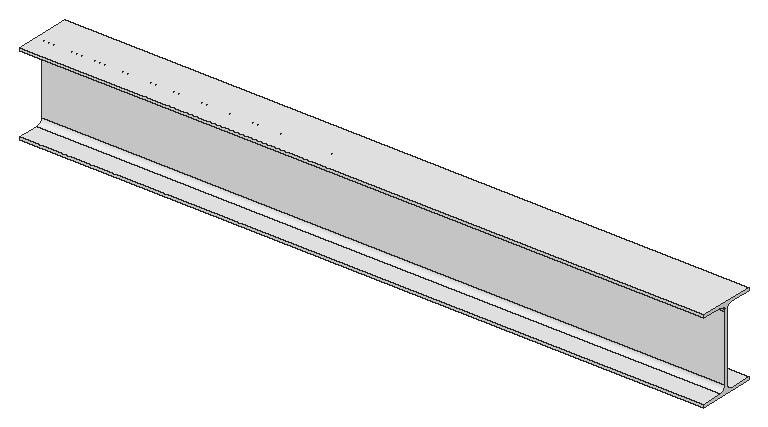
Revit family "L - Flange largo", category Quadro estrutural, Revit 2019
Family settings
  Arredondamento do comprimento do framing estrutural = 1 mm
  Forma do corte = Não definido
  Material para o comportamento do modelo = Aço
  Exportar sempre como geometria = Não
  Sempre na vertical = Sim
  Corte com vazios quando carregada = Não
  Representação simbólica = Das configurações de projeto
  Compartilhado = Não
  Exibir o pré-corte da família na vista da planta = Sim
Parameters (values of type "W 150x13.0")
  d1 = h - 2 * tf  # 138.2 mm
  W = 0.013
  Type Comments = ""
  Structural Material [instance] = Metal - Aço 345 MPa
  Cálculo da extensão inicial [instance] = 3012.7 mm + Extensão inicial  # 3000 mm
  Extensão inicial [instance] = -12.7 mm
  Cálculo da extensão da extremidade final [instance] = 3012.7 mm + Extensão final  # 3000 mm
  Extensão final [instance] = -12.7 mm
  Assembly Code = ""
  Length [instance] = 1500 mm
  b = 100 mm
  h = 148 mm
  r1 = 10 mm
  tf = 4.9 mm
  tw = 4.3 mm
  A = 0.00166 m²
Reference planes
  plane 1 "Centro (Frente/Trás)": y = 0
  plane 2: z = 0
  plane 3 "Centro (Esquerda/Direita)": x = 4.61
  plane 4 "Membro esquerdo": x = -604.99
  plane 5 "Membro direito": x = 614.21
  plane 6: y = 50
  plane 7: y = -50
  plane 8 "Superior": z = 74
  plane 9: z = -74
  plane 10 "Esquerda": x = -757.39
  plane 11 "Direita": x = 742.61
  plane 12: x = -604.99
  plane 13: x = 614.21
  plane 14: x = 2395.01
  plane 15: x = -2385.79
  plane 16: z = 69.1
  plane 17: z = -69.1
Forms (mm)
  Sweep 1, solid, material "Metal - Aço 345 MPa" <- "Structural Material", detail levels medium
    path origin (0, 0, 0) x (1, 0, 0) y (0, 1, 0)
      loop
        line (614.21, 0) -> (-604.99, 0)
    profile "W - Perfil - Médio : W - Perfil - Médio" origin (4.61, 0, 0) x (0, -1, 0) y (0, 0, 1)
      loop
        line (-50, -74) -> (50, -74) -> (50, -69.1) -> (2.15, -69.1) -> (2.15, 69.1) -> (50, 69.1) -> (50, 74) -> (-50, 74) -> (-50, 69.1) -> (-2.15, 69.1) -> (-2.15, -69.1) -> (-50, -69.1) -> (-50, -74)
  Sweep 2, solid, material "Metal - Aço 345 MPa" <- "Structural Material", detail levels fine
    path origin (0, 0, 0) x (1, 0, 0) y (0, 1, 0)
      loop
        line (614.21, 0) -> (-604.99, 0)
    profile "W - Perfil - Alto : W - Perfil - Alto" origin (4.61, 0, 0) x (0, -1, 0) y (0, 0, 1)
      loop
        line (-50, -74) -> (50, -74) -> (50, -69.1) -> (12.15, -69.1)
        arc (12.15, -69.1) -> (5.079, -66.171) -> (2.15, -59.1) r 10
        line (2.15, -59.1) -> (2.15, 59.1)
        arc (2.15, 59.1) -> (5.079, 66.171) -> (12.15, 69.1) r 10
        line (12.15, 69.1) -> (50, 69.1) -> (50, 74) -> (-50, 74) -> (-50, 69.1) -> (-12.15, 69.1)
        arc (-12.15, 69.1) -> (-5.079, 66.171) -> (-2.15, 59.1) r 10
        line (-2.15, 59.1) -> (-2.15, -59.1)
        arc (-2.15, -59.1) -> (-5.079, -66.171) -> (-12.15, -69.1) r 10
        line (-12.15, -69.1) -> (-50, -69.1) -> (-50, -74)
Lines and regions (mm)
  symbolic lines, style "Faces ocultas", detail levels medium+fine
    curve 1: line (614.21, -2.15, 0) -> (-604.99, -2.15, 0)
    curve 2: line (614.21, 2.15, 0) -> (-604.99, 2.15, 0)
  symbolic lines, style "Símbolos de vara", detail levels coarse
    curve 3: line (4.61, 50, 74) -> (4.61, -50, 74)
    curve 4: line (4.61, -50, -74) -> (4.61, 50, -74)
    curve 5: line (4.61, 0, 74) -> (4.61, 0, -74)
Dimensions and locks
  "b": plane 6 to plane 7
  "h": plane 9 to plane 8 "Superior"
  equal spacing: plane 9, plane 2, plane 8 "Superior"
  equal spacing: plane 6, plane 1 "Centro (Frente/Trás)", plane 7
  "Length": plane 10 "Esquerda" to plane 11 "Direita"
  "tw": curve 2 to curve 1
  equal spacing: curve 2, plane 1 "Centro (Frente/Trás)", curve 1
  locked: plane 4 "Membro esquerdo" to plane 14 at 3000
  locked: plane 15 to plane 5 "Membro direito" at 3000
  "Cálculo da extensão da extremidade final": plane 15 to plane 13
  "Cálculo da extensão inicial": plane 12 to plane 14
  equal spacing: plane 16, plane 2, plane 17
  "d1": plane 16 to plane 17
  aligned and locked: Sweep 1 sketch curve to plane 1 "Centro (Frente/Trás)"
  aligned and locked: Sweep 2 sketch curve to plane 1 "Centro (Frente/Trás)"
  aligned and locked: Sweep 2 to curve 3  (x2)
  aligned and locked: Sweep 2 to curve 4  (x2)
  aligned and locked: curve 3 to Sweep 2
  aligned and locked: curve 4 to Sweep 2
  aligned and locked: plane 12 to Sweep 2 sketch curve
  aligned and locked: plane 13 to Sweep 2 sketch curve
  aligned and locked: plane 12 to Sweep 1 sketch curve
  aligned and locked: plane 13 to Sweep 1 sketch curve
  aligned and locked: plane 12 to curve 2
  aligned and locked: plane 12 to curve 1
  aligned and locked: plane 13 to curve 2
  aligned and locked: plane 13 to curve 1
Automatic sketch dimensions
  curve 5 to plane 1 "Centro (Frente/Trás)" = 0 mm
Types in the file's own list only (87): name | d1 | W | b | h | r1 | tf | tw | A
  W 150x18.0 | 139 mm | 0.018 | 102 mm | 153 mm | 10 mm | 7 mm | 6 mm | 0.00 m²
  W 150x22.5 | 139 mm | 0.0225 | 152 mm | 152 mm | 10 mm | 7 mm | 6 mm | 0.00 m²
  W 150x24.0 | 139 mm | 0.024 | 102 mm | 160 mm | 12 mm | 10 mm | 7 mm | 0.00 m²
  W 150x29.8 | 138 mm | 0.0298 | 153 mm | 157 mm | 10 mm | 9 mm | 7 mm | 0.00 m²
  W 150x37.1 | 139 mm | 0.0371 | 154 mm | 162 mm | 10 mm | 12 mm | 8 mm | 0.00 m²
  W 200x15.0 | 190 mm | 0.015 | 100 mm | 200 mm | 10 mm | 5 mm | 4 mm | 0.00 m²
  W 200x19.3 | 190 mm | 0.0193 | 102 mm | 203 mm | 10 mm | 7 mm | 6 mm | 0.00 m²
  W 200x22.5 | 190 mm | 0.0225 | 102 mm | 206 mm | 10 mm | 8 mm | 6 mm | 0.00 m²
  W 200x26.6 | 190 mm | 0.0266 | 133 mm | 207 mm | 10 mm | 8 mm | 6 mm | 0.00 m²
  W 200x31.3 | 190 mm | 0.0313 | 134 mm | 210 mm | 10 mm | 10 mm | 6 mm | 0.00 m²
  W 200x35.9 | 181 mm | 0.0359 | 165 mm | 201 mm | 10 mm | 10 mm | 6 mm | 0.00 m²
  W 200x41.7 | 181 mm | 0.0417 | 166 mm | 205 mm | 12 mm | 12 mm | 7 mm | 0.01 m²
  W 200x46.1 | 181 mm | 0.0461 | 203 mm | 203 mm | 10 mm | 11 mm | 7 mm | 0.01 m²
  W 200x52.0 | 181 mm | 0.052 | 204 mm | 206 mm | 12 mm | 13 mm | 8 mm | 0.01 m²
  HP 200x53.0 | 181 mm | 0.053 | 207 mm | 204 mm | 10 mm | 11 mm | 11 mm | 0.01 m²
  W 200x59.0 | 182 mm | 0.059 | 205 mm | 210 mm | 12 mm | 14 mm | 9 mm | 0.01 m²
  W 200x71.0 | 181 mm | 0.071 | 206 mm | 216 mm | 10 mm | 17 mm | 10 mm | 0.01 m²
  W 200x86.0 | 181 mm | 0.086 | 209 mm | 222 mm | 12 mm | 21 mm | 13 mm | 0.01 m²
  W 250x17.9 | 240 mm | 0.0179 | 101 mm | 251 mm | 10 mm | 5 mm | 5 mm | 0.00 m²
  W 250x22.3 | 240 mm | 0.0223 | 102 mm | 254 mm | 10 mm | 7 mm | 6 mm | 0.00 m²
  W 250x25.3 | 240 mm | 0.0253 | 102 mm | 257 mm | 10 mm | 8 mm | 6 mm | 0.00 m²
  W 250x28.4 | 240 mm | 0.0284 | 102 mm | 260 mm | 10 mm | 10 mm | 6 mm | 0.00 m²
  W 250x32.7 | 240 mm | 0.0327 | 146 mm | 258 mm | 10 mm | 9 mm | 6 mm | 0.00 m²
  W 250x38.5 | 240 mm | 0.0385 | 147 mm | 262 mm | 10 mm | 11 mm | 7 mm | 0.00 m²
  W 250x44.8 | 240 mm | 0.0448 | 148 mm | 266 mm | 10 mm | 13 mm | 8 mm | 0.01 m²
  HP 250x62.0 | 225 mm | 0.062 | 256 mm | 246 mm | 12 mm | 11 mm | 11 mm | 0.01 m²
  W 250x73.0 | 225 mm | 0.073 | 254 mm | 253 mm | 12 mm | 14 mm | 9 mm | 0.01 m²
  W 250x80.0 | 225 mm | 0.08 | 255 mm | 256 mm | 12 mm | 16 mm | 9 mm | 0.01 m²
  HP 250x85.0 | 225 mm | 0.085 | 260 mm | 254 mm | 12 mm | 14 mm | 14 mm | 0.01 m²
  W 250x89.0 | 225 mm | 0.089 | 265 mm | 260 mm | 12 mm | 17 mm | 11 mm | 0.01 m²
  W 250x101.0 | 225 mm | 0.101 | 257 mm | 264 mm | 12 mm | 20 mm | 12 mm | 0.01 m²
  W 250x115.0 | 225 mm | 0.115 | 259 mm | 269 mm | 12 mm | 22 mm | 14 mm | 0.01 m²
  W 310x21.0 | 292 mm | 0.021 | 101 mm | 303 mm | 10 mm | 6 mm | 5 mm | 0.00 m²
  W 310x23.8 | 292 mm | 0.0238 | 101 mm | 305 mm | 10 mm | 7 mm | 6 mm | 0.00 m²
  W 310x28.3 | 291 mm | 0.0283 | 102 mm | 309 mm | 10 mm | 9 mm | 6 mm | 0.00 m²
  W 310x32.7 | 291 mm | 0.0327 | 102 mm | 313 mm | 10 mm | 11 mm | 7 mm | 0.00 m²
  W 310x38.7 | 291 mm | 0.0387 | 165 mm | 310 mm | 10 mm | 10 mm | 6 mm | 0.00 m²
  W 310x44.5 | 291 mm | 0.0445 | 166 mm | 313 mm | 10 mm | 11 mm | 7 mm | 0.01 m²
  W 310x52.0 | 291 mm | 0.052 | 167 mm | 317 mm | 10 mm | 13 mm | 8 mm | 0.01 m²
  HP 310x79.0 | 277 mm | 0.079 | 306 mm | 299 mm | 16 mm | 11 mm | 11 mm | 0.01 m²
  HP 310x93.0 | 277 mm | 0.093 | 308 mm | 303 mm | 16 mm | 13 mm | 13 mm | 0.01 m²
  W 310x97.0 | 277 mm | 0.097 | 305 mm | 308 mm | 16 mm | 15 mm | 10 mm | 0.01 m²
  W 310x107.0 | 277 mm | 0.107 | 306 mm | 311 mm | 16 mm | 17 mm | 11 mm | 0.01 m²
  HP 310x110.0 | 277 mm | 0.11 | 310 mm | 308 mm | 16 mm | 16 mm | 15 mm | 0.01 m²
  W 310x117.0 | 277 mm | 0.117 | 307 mm | 314 mm | 16 mm | 19 mm | 12 mm | 0.01 m²
  HP 310x125.0 | 277 mm | 0.125 | 312 mm | 312 mm | 16 mm | 17 mm | 17 mm | 0.02 m²
  W 360x32.9 | 332 mm | 0.0329 | 127 mm | 349 mm | 12 mm | 9 mm | 6 mm | 0.00 m²
  W 360x39.0 | 332 mm | 0.039 | 128 mm | 353 mm | 12 mm | 11 mm | 7 mm | 0.01 m²
  W 360x44.0 | 332 mm | 0.044 | 171 mm | 352 mm | 12 mm | 10 mm | 7 mm | 0.01 m²
  W 360x51.0 | 332 mm | 0.051 | 171 mm | 355 mm | 12 mm | 12 mm | 7 mm | 0.01 m²
  W 360x57.8 | 332 mm | 0.0578 | 172 mm | 358 mm | 12 mm | 13 mm | 8 mm | 0.01 m²
  W 360x64.0 | 320 mm | 0.064 | 203 mm | 347 mm | 16 mm | 14 mm | 8 mm | 0.01 m²
  W 360x72.0 | 320 mm | 0.072 | 204 mm | 350 mm | 16 mm | 15 mm | 9 mm | 0.01 m²
  W 360x79.0 | 320 mm | 0.079 | 205 mm | 354 mm | 16 mm | 17 mm | 9 mm | 0.01 m²
  W 360x91.0 | 320 mm | 0.091 | 254 mm | 353 mm | 16 mm | 16 mm | 10 mm | 0.01 m²
  W 360x101.0 | 320 mm | 0.101 | 255 mm | 357 mm | 17 mm | 18 mm | 11 mm | 0.01 m²
  W 360x110.0 | 320 mm | 0.11 | 256 mm | 360 mm | 16 mm | 20 mm | 11 mm | 0.01 m²
  W 360x122.0 | 320 mm | 0.122 | 257 mm | 363 mm | 16 mm | 22 mm | 13 mm | 0.02 m²
  W 410x38.8 | 381 mm | 0.0388 | 140 mm | 399 mm | 12 mm | 9 mm | 6 mm | 0.01 m²
  W 410x46.1 | 381 mm | 0.0461 | 140 mm | 403 mm | 12 mm | 11 mm | 7 mm | 0.01 m²
  W 410x53.0 | 381 mm | 0.053 | 177 mm | 403 mm | 12 mm | 11 mm | 8 mm | 0.01 m²
  W 410x60.0 | 381 mm | 0.06 | 178 mm | 407 mm | 12 mm | 13 mm | 8 mm | 0.01 m²
  W 410x67.0 | 381 mm | 0.067 | 179 mm | 410 mm | 12 mm | 14 mm | 9 mm | 0.01 m²
  W 410x75.0 | 381 mm | 0.075 | 180 mm | 413 mm | 12 mm | 16 mm | 10 mm | 0.01 m²
  W 410x85.0 | 381 mm | 0.085 | 181 mm | 417 mm | 12 mm | 18 mm | 11 mm | 0.01 m²
  W 460x52.0 | 428 mm | 0.052 | 152 mm | 450 mm | 12 mm | 11 mm | 8 mm | 0.01 m²
  W 460x60.0 | 428 mm | 0.06 | 153 mm | 455 mm | 12 mm | 13 mm | 8 mm | 0.01 m²
  W 460x68.0 | 428 mm | 0.068 | 154 mm | 459 mm | 12 mm | 15 mm | 9 mm | 0.01 m²
  W 460x74.0 | 428 mm | 0.074 | 190 mm | 457 mm | 12 mm | 15 mm | 9 mm | 0.01 m²
  W 460x82.0 | 428 mm | 0.082 | 191 mm | 460 mm | 12 mm | 16 mm | 10 mm | 0.01 m²
  W 460x89.0 | 428 mm | 0.089 | 192 mm | 463 mm | 12 mm | 18 mm | 11 mm | 0.01 m²
  W 460x97.0 | 428 mm | 0.097 | 193 mm | 466 mm | 12 mm | 19 mm | 11 mm | 0.01 m²
  W 460x106.0 | 428 mm | 0.106 | 194 mm | 469 mm | 12 mm | 21 mm | 13 mm | 0.01 m²
  W 530x66.0 | 502 mm | 0.066 | 165 mm | 525 mm | 12 mm | 11 mm | 9 mm | 0.01 m²
  W 530x72.0 | 502 mm | 0.072 | 207 mm | 524 mm | 12 mm | 11 mm | 9 mm | 0.01 m²
  W 530x74.0 | 502 mm | 0.074 | 166 mm | 529 mm | 12 mm | 14 mm | 10 mm | 0.01 m²
  W 530x82.0 | 501 mm | 0.082 | 209 mm | 528 mm | 12 mm | 13 mm | 10 mm | 0.01 m²
  W 530x85.0 | 502 mm | 0.085 | 166 mm | 535 mm | 12 mm | 17 mm | 10 mm | 0.01 m²
  W 530x92.0 | 502 mm | 0.092 | 209 mm | 533 mm | 12 mm | 16 mm | 10 mm | 0.01 m²
  W 530x101.0 | 502 mm | 0.101 | 210 mm | 537 mm | 16 mm | 17 mm | 11 mm | 0.01 m²
  W 530x109.0 | 501 mm | 0.109 | 211 mm | 539 mm | 16 mm | 19 mm | 12 mm | 0.01 m²
  W 610x101.0 | 573 mm | 0.101 | 228 mm | 603 mm | 16 mm | 15 mm | 11 mm | 0.01 m²
  W 610x113.0 | 573 mm | 0.113 | 228 mm | 608 mm | 16 mm | 17 mm | 11 mm | 0.01 m²
  W 610x125.0 | 573 mm | 0.125 | 229 mm | 612 mm | 16 mm | 20 mm | 12 mm | 0.02 m²
  W 610x140.0 | 573 mm | 0.14 | 230 mm | 617 mm | 16 mm | 22 mm | 13 mm | 0.02 m²
  W 610x155.0 | 573 mm | 0.155 | 324 mm | 611 mm | 16 mm | 19 mm | 13 mm | 0.02 m²
  W 610x174.0 | 573 mm | 0.174 | 325 mm | 616 mm | 16 mm | 22 mm | 14 mm | 0.02 m²
